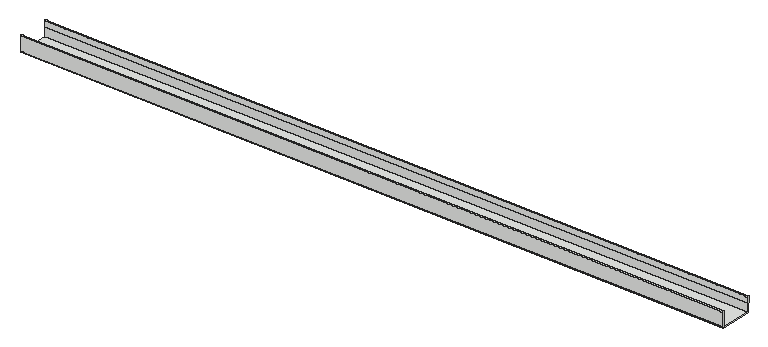
Revit family "profiles PR36 2015", category Generic Models, Revit 2015
Parameters (values of type "ISOLAMIN PR36 flashing")
  Profile Length [instance] = 1180 mm
Reference planes
  plane 1 "Center (Front/Back)": y = 0
  plane 2: z = 0
  plane 3 "Center (Left/Right)": x = 0
  plane 4: x = 1180
Forms (mm)
  Extrusion 1, solid, material "ISOLAMIN Surface Material"
    sketch origin (0, 133.859, -202.55) x (0, 1, 0) y (0, 0, 1)
      loop
        arc (-134.859, 202.55) -> (-134.152, 202.842) -> (-133.859, 203.55) r 1
        line (-133.859, 203.55) -> (-133.859, 226.85)
        arc (-133.859, 226.85) -> (-134.709, 227.55) -> (-135.559, 226.85) r 0.866
        line (-135.559, 226.85) -> (-135.559, 217.55) -> (-134.559, 217.55) -> (-134.559, 203.25) -> (-185.959, 203.25) -> (-185.959, 217.55) -> (-184.959, 217.55) -> (-184.959, 226.85)
        arc (-184.959, 226.85) -> (-185.809, 227.55) -> (-186.659, 226.85) r 0.866
        line (-186.659, 226.85) -> (-186.659, 203.55)
        arc (-186.659, 203.55) -> (-186.366, 202.842) -> (-185.659, 202.55) r 1
        line (-185.659, 202.55) -> (-134.859, 202.55)
    from 0 to 1180
Dimensions and locks
  "Profile Length": plane 3 "Center (Left/Right)" to plane 4
  aligned and locked: level to plane 2
  aligned and locked: plane 4 to Extrusion 1
Automatic sketch dimensions
  plane 1 "Center (Front/Back)" to Extrusion 1 sketch curve = 1 mm
  level to Extrusion 1 sketch curve = 0 mm
  Extrusion 1 sketch curve to Extrusion 1 sketch curve = 1 mm
  Extrusion 1 sketch curve to Extrusion 1 sketch curve = 50.8 mm
  Extrusion 1 sketch curve to Extrusion 1 sketch curve = 0.3 mm  (x4)
  Extrusion 1 sketch curve to Extrusion 1 sketch curve = 14 mm
  Extrusion 1 sketch curve to Extrusion 1 sketch curve = 9.3 mm  (x2)
  Extrusion 1 sketch curve to Extrusion 1 sketch curve = 0.85 mm  (x4)
  Extrusion 1 sketch curve to Extrusion 1 sketch curve = 0.166 mm  (x2)
  Extrusion 1 sketch curve to Extrusion 1 sketch curve = 23.3 mm
